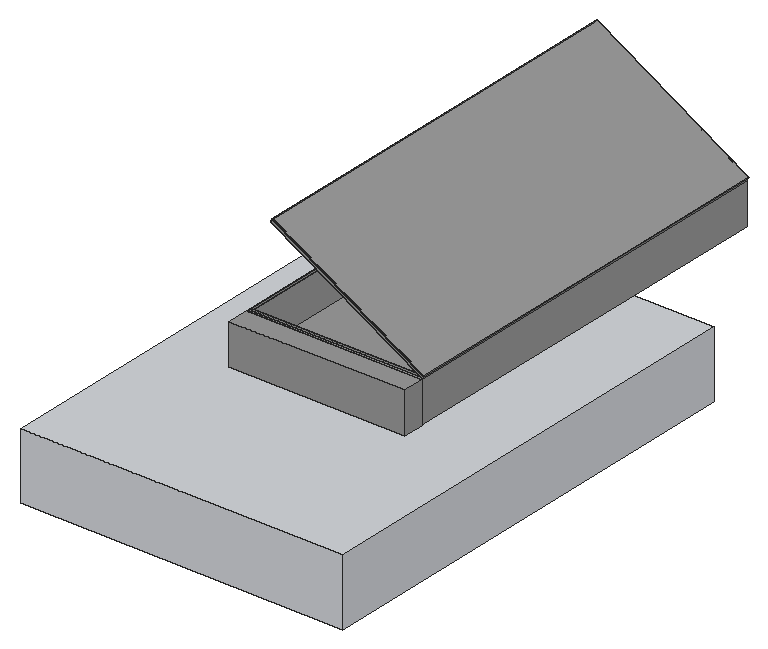
Revit family "Hager-Univers-IP44-D205-H1950-Cl.II-Encl-PT-pt", category Equipement électrique, Revit 2020
Family settings
  Hôte = Face
  Configuration du panneau = Deux colonnes, circuits au sein
  Cote de connecteur circulaire = Utiliser le diamètre
  Type d'élément = Tableau de raccordement
  Couper avec des vides une fois chargée = Non
  Partagée = Non
  Point de calcul de pièce = Non
Parameters (values of type "Instalação de piso IP44 L800 A1950 P205  - FP23SN2")
  Width Control [instance] = if([EF000008 - Largura] > Min Width, [EF000008 - Largura], Min Width)  # 800 mm
  Commentaires du type = [HG000003 - Gama]  # "Univers"
  Thickness Door [instance] = if([EF009171 - Espessura do material da porta/tampa] > 3 mm, 3 mm, [EF009171 - Espessura do material da porta/tampa])  # 1 mm
  Seal Frame Offset [instance] = 17 mm  # constant formula
  Plinth Visibility [instance] = [HG000027 - Altura da Plinta] > 0 mm  # yes
  Model = ""
  Min Width [instance] = 100 mm  # constant formula
  Min Height [instance] = 100 mm  # constant formula
  Min Depth [instance] = (2 * [EF009170 - Espessura do material do invólucro]) + 1 mm  # 3 mm
  Internal Frame Depth [instance] = (Door System Depth * 0.5)  # 9 mm
  Height Control [instance] = if([EF000040 - Altura] > Min Height, [EF000040 - Altura], Min Height)  # 1950 mm
  HG000027 - Altura da Plinta = 100 mm
  HG000026 - Instalação no chão = yes
  HG000024 - Altura da secção inferior = 800 mm
  HG000023 - Recinto de secção dupla = no
  HG000016 - Visibilidade da porta 3D [instance] = yes
  HG000015 - Visibilidade através da porta [instance] = no
  HG000014 - Porta à direita [instance] = yes
  HG000013 - Porta à esquerda [instance] = not([HG000014 - Porta à direita])  # no
  HG000012 - Ângulo de abertura de porta [instance] = 30.00°
  HG000010 - Portas assimétricas = no
  HG000009 - Porta dupla = no
  HG000006 - Encastrado = no
  HG000004 - Referência do Fabricante = "FP23SN2"
  HG000003 - Gama = "Univers"
  HG000002 - Com porta ou tampa = yes
  Frame Offset Bottom [instance] = 10 mm  # constant formula
  Frame Offset [instance] = 15 mm  # constant formula
  EF015940 - Tampa com libertação de sobrepressão = no
  EF011959 - Grau de proteção (NEMA) = ""
  EF009554 - Número de aberturas para placas de flange = 6
  Fabricant = "Hager"  # constant formula
  EF009212 - Tipo de tampa = "EV000116 - Fechado"
  EF009171 - Espessura do material da porta/tampa = 1 mm
  EF009170 - Espessura do material do invólucro = 1 mm
  EF008873 - Corrente nominal (In) = 400 A
  EF007800 - Adequado para proteção contra raios = no
  EF006306 - Com fecho = no
  EF006244 - Tampa/porta transparente = no
  EF005474 - Grau de proteção (IP) = "EV006418 - IP44"
  EF004464 - Tipo de porta = "EV002646 - Único"
  EF004427 - Número de módulos = 432
  EF004293 - Força de impacto = "EV006815 - IK09"
  EF003532 - Adequado para uso no exterior = no
  EF002950 - Largura em número de módulos = 36
  EF001613 - Integridade do circuito = "EV000494 - Nenhum"
  EF001596 - Material do corpo = "EV000179 - Aço"
  EF001131 - Profundidade interior = 143 mm
  EF001088 - Extensão possível = yes
  EF000437 - Número de entradas de condutores = 6
  EF000339 - Tipo de difusor = "EV001012 - Tampa"
  EF000266 - Número de linhas = 12
  EF000218 - Profundidade incorporada = 0 mm
  EF000118 - Com tampa de montagem = no
  EF000116 - Número RAL = "9010"
  EF000049 - Profundidade = 205 mm
  EF000040 - Altura = 1950 mm
  EF000008 - Largura = 800 mm
  EF000007 - Cor = "EV000202 - Branco"
  EF000003 - Método de montagem = "EV012274 - Instalação de piso"
  Door System Leaf Tolerance [instance] = 1.5 mm  # constant formula
  Door System Depth [instance] = 18 mm  # constant formula
  Door Height [instance] = Height Control - [HG000027 - Altura da Plinta]  # 1850 mm
  Depth Control [instance] = if([EF000049 - Profundidade] > Min Depth, [EF000049 - Profundidade], Min Depth)  # 205 mm
  Default Elevation = 0 mm
  Connector Offset [instance] = Height Control / 2  # 975 mm
  Bottom Top Plate Trim [instance] = 1.5 mm  # constant formula
  Plinth height Ctrl [instance] = if([HG000027 - Altura da Plinta] > 0 mm, [HG000027 - Altura da Plinta], 12 mm)  # 100 mm
Types (5, lengths in mm): name | Width Control | HG000010 - Portas assimétricas | HG000009 - Porta dupla | HG000004 - Referência do Fabricante | EF009554 - Número de aberturas para placas de flange | EF008873 - Corrente nominal (In) | EF004464 - Tipo de porta | EF004427 - Número de módulos | EF002950 - Largura em número de módulos | EF000437 - Número de entradas de condutores | EF000008 - Largura
  Instalação de piso IP44 L1050 A1950 P205  - FP24SN2 | 1050 | no | yes | "FP24SN2" | 8 | 400 A | "EV003602 - Duplo" | 576 | 48 | 8 | 1050
  Instalação de piso IP44 L1300 A1950 P205  - FP25SN2 | 1300 | yes | yes | "FP25SN2" | 10 | 400 A | "EV003602 - Duplo" | 720 | 60 | 10 | 1300
  Instalação de piso IP44 L300 A1950 P205  - FP21SN2 | 300 | no | no | "FP21SN2" | 2 | 250 A | "EV002646 - Único" | 144 | 12 | 2 | 300
  Instalação de piso IP44 L550 A1950 P205  - FP22SN2 | 550 | no | no | "FP22SN2" | 4 | 400 A | "EV002646 - Único" | 288 | 24 | 4 | 550
  Instalação de piso IP44 L800 A1950 P205  - FP23SN2 | 800 | no | no | "FP23SN2" | 6 | 400 A | "EV002646 - Único" | 432 | 36 | 6 | 800
Reference planes
  plane 1 "Center (Front/Back)": y = 0
  plane 2: z = 0
  plane 3 "Center (Left/Right)": x = 0
  plane 4: z = 205
  plane 5: y = 101
  plane 6: y = 1025
  plane 7: y = 100
  plane 8: y = 1950
  plane 9: z = 0
  plane 10: x = -385
  plane 11: x = 385
  plane 12: x = 384
  plane 13: x = -384
  plane 14: y = 1949
  plane 15: x = -383
  plane 16: x = -400
  plane 17: x = 383
  plane 18: x = 400
  plane 19: x = 399
  plane 20: x = -399
  plane 21: y = 111
  plane 22: y = 1950
  plane 23: y = 1934
  plane 24: z = 187
  plane 25: z = 1
  plane 26: z = 186
  plane 27: z = 204
Forms (mm)
  Extrusion 1, solid
    sketch origin (0, 0, 0) x (1, 0, 0) y (0, 1, 0)
      loop
        line (-702.964, 1305) -> (-702.964, -811.445) -> (766.763, -811.445) -> (766.763, 1305) -> (-702.964, 1305)
    from 0 to -304.8
  Extrusion 2, solid, material "Hager_Steel_RAL7035_Light_Grey", visible <- "Plinth Visibility", detail levels medium+fine
    sketch origin (0, 0, 0) x (1, 0, 0) y (0, 1, 0)
      loop
        line (-400, 0) -> (400, 0) -> (400, 100) -> (-400, 100) -> (-400, 0)
    from 0 to 187
  Extrusion 3, solid, material "Hager_Steel_RAL7035_Light_Grey", detail levels medium+fine
    sketch origin (0, 0, 0) x (1, 0, 0) y (0, 1, 0)
      loop
        line (-400, 100) -> (400, 100) -> (400, 1950) -> (-400, 1950) -> (-400, 100)
    from 0 to 187
  Extrusion 4, void
    sketch origin (0, 0, 0) x (1, 0, 0) y (0, 1, 0)
      loop
        line (-399, 101) -> (399, 101) -> (399, 1949) -> (-399, 1949) -> (-399, 101)
    from 1 to 186
  Extrusion 5, void
    sketch origin (-381.607, -4572, 187) x (0, -1, 0) y (-1, 0, 0)
      loop
        line (-4683, 2.393) -> (-6506, 2.393) -> (-6506, -765.607) -> (-4683, -765.607) -> (-4683, 2.393)
    from 0 to 1 <- "EF009170 - Espessura do material do invólucro"
  Extrusion 6, solid, material "Hager_Steel_RAL7035_Light_Grey", detail levels fine
    sketch origin (0, 0, 187) x (1, 0, 0) y (0, 1, 0)
      loop
        line (-384, 1934) -> (-384, 111) -> (384, 111) -> (384, 1934) -> (-384, 1934)
      loop
        line (-385, 110) -> (385, 110) -> (385, 1935) -> (-385, 1935) -> (-385, 110)
    from 0 to 9 <- "Internal Frame Depth"
  Extrusion 7, solid, material "Hager_Steel_RAL7035_Light_Grey", detail levels coarse
    sketch origin (0, 0, 0) x (1, 0, 0) y (0, 1, 0)
      loop
        line (-400, 0) -> (400, 0) -> (400, 1950) -> (-400, 1950) -> (-400, 0)
    from 0 to 205
  Sweep 8, void
    path in 3D
      loop
        line (-400, 100, 0) -> (400, 100, 0) -> (400, 100, 187) -> (-400, 100, 187) -> (-400, 100, 0)
    profile origin (-400, 100, 93.5) x (-1, 0, 0) y (0, -1, 0)
      loop
        line (0, 0) -> (0, 1.5) -> (-1.5, 1.5)
        arc (-1.5, 1.5) -> (-1.061, 0.439) -> (0, 0) r 1.5
Cuts and joins
  Extrusion 4, Extrusion 5 cuts Extrusion 3
  Sweep 8 cuts Extrusion 2
Lines and regions (mm)
  Masking region 1
    outline origin (0, 0, 0) x (1, 0, 0) y (0, 0, 1)
      loop
        line (-400, 205) -> (-400, 0) -> (400, 0) -> (400, 205) -> (-400, 205)
  Masking region 2, detail levels medium+fine
    outline origin (0, 140, 0) x (0, 1, 0) y (0, 0, 1)
      loop
        line (-40, 0) -> (1810, 0) -> (1810, 187) -> (-40, 187) -> (-40, 0)
  Masking region 3, not visible, detail levels medium+fine
    outline origin (0, 297.922, 0) x (0, 1, 0) y (0, 0, 1)
      loop
        line (738.578, 0) -> (778.578, 0) -> (778.578, 194)
        arc (778.578, 194) -> (775.649, 201.071) -> (768.578, 204) r 10
        line (768.578, 204) -> (738.578, 204) -> (738.578, 0)
  Masking region 4, detail levels coarse
    outline origin (0, 0, 180) x (0, 1, 0) y (0, 0, 1)
      loop
        line (0, -180) -> (1950, -180) -> (1950, 25) -> (0, 25) -> (0, -180)
  Masking region 5, visible <- "Plinth Visibility", detail levels medium+fine
    outline origin (0, 52.24, 12.345) x (0, 0, -1) y (0, 1, 0)
      loop
        line (10.845, 47.76) -> (-173.155, 47.76)
        arc (-173.155, 47.76) -> (-173.594, 46.699) -> (-174.655, 46.26) r 1.5
        line (-174.655, 46.26) -> (-174.655, -52.24) -> (12.345, -52.24) -> (12.345, 46.26)
        arc (12.345, 46.26) -> (11.285, 46.699) -> (10.845, 47.76) r 1.5
  Masking region 6, detail levels medium+fine
    outline origin (-381.607, -4572, 187) x (-1, 0, 0) y (0, -1, 0)
      loop
        line (18.393, -6522) -> (18.393, -4672) -> (-781.607, -4672) -> (-781.607, -6522) -> (18.393, -6522)
  Masking region 7, visible <- "Plinth Visibility", detail levels medium+fine
    outline origin (-381.607, -4727, 187) x (-1, 0, 0) y (0, -1, 0)
      loop
        arc (16.893, -4827) -> (17.332, -4825.939) -> (18.393, -4825.5) r 1.5
        line (18.393, -4825.5) -> (18.393, -4727) -> (-781.607, -4727) -> (-781.607, -4825.5)
        arc (-781.607, -4825.5) -> (-780.546, -4825.939) -> (-780.107, -4827) r 1.5
        line (-780.107, -4827) -> (16.893, -4827)
  Masking region 8, detail levels coarse
    outline origin (-442.548, -4669.526, 187) x (-1, 0, 0) y (0, -1, 0)
      loop
        line (-42.548, -6619.526) -> (-42.548, -4669.526) -> (-842.548, -4669.526) -> (-842.548, -6619.526) -> (-42.548, -6619.526)
  sketch lines
    curve 1: line (-400, 100, 187) -> (-400, 100, 0)
    curve 2: line (400, 100, 187) -> (-400, 100, 187)
    curve 3: line (400, 100, 187) -> (400, 100, 0)
    curve 4: line (-400, 100, 0) -> (400, 100, 0)
Dimensions and locks
  "Depth Control": plane 4 to Extrusion 1
  "HG000027 - Altura da Plinta": plane 1 "Center (Front/Back)" to plane 7
  "EF009170 - Espessura do material do invólucro": plane 5 to plane 7
  locked: connector elem to plane 3 "Center (Left/Right)"
  equal spacing: plane 8, plane 6, plane 7
  locked: connector elem to plane 6
  "EF009170 - Espessura do material do invólucro": plane 8 to plane 14
  "EF009170 - Espessura do material do invólucro": plane 10 to plane 13
  "EF009170 - Espessura do material do invólucro": plane 12 to plane 11
  "Frame Offset": plane 20 to plane 13
  "Frame Offset": plane 12 to plane 19
  "EF009170 - Espessura do material do invólucro": plane 16 to plane 20
  "EF009170 - Espessura do material do invólucro": plane 19 to plane 18
  "Seal Frame Offset": plane 16 to plane 15
  "Seal Frame Offset": plane 17 to plane 18
  "Frame Offset Bottom": plane 21 to plane 5
  "Frame Offset": plane 14 to plane 23
  equal spacing: plane 16, plane 3 "Center (Left/Right)", plane 18
  "Width Control": plane 16 to plane 18
  "EF009170 - Espessura do material do invólucro": plane 4 to plane 27
  "EF009170 - Espessura do material do invólucro": plane 24 to plane 26
  "EF009170 - Espessura do material do invólucro": plane 25 to level
  "Door System Depth": plane 4 to plane 24
  "Height Control": plane 1 "Center (Front/Back)" to Extrusion 7 sketch curve
  "Height Control": Masking region 4 sketch curve to plane 1 "Center (Front/Back)"
  "Height Control": plane 1 "Center (Front/Back)" to plane 22
  "Bottom Top Plate Trim": profile plane to Sweep 8 sketch curve
  "Bottom Top Plate Trim": Sweep 8 sketch curve to profile plane
  "Plinth height Ctrl": plane 1 "Center (Front/Back)" to Extrusion 2 sketch curve
  "Plinth height Ctrl": Masking region 5 sketch curve to plane 1 "Center (Front/Back)"
  "Plinth height Ctrl": plane 1 "Center (Front/Back)" to Masking region 7 sketch curve
  "Thickness Door": Extrusion 6 sketch curve to Extrusion 6 sketch curve  (x3)
  "Thickness Door": cut or joined group of Extrusion 3, Extrusion 4, Extrusion 5 to Extrusion 6 sketch curve
  radius of Masking region 3 sketch curve = 10 mm
  "Bottom Top Plate Trim": radius of Masking region 5 sketch curve  (x2)
  "Bottom Top Plate Trim": radius of Sweep 8 sketch curve
  "Bottom Top Plate Trim": radius of Masking region 7 sketch curve  (x2)
  aligned and locked: plane 2 to Extrusion 1
  aligned and locked: level to Extrusion 1
  aligned and locked: level to Masking region 1 sketch curve
  aligned and locked: Masking region 1 sketch curve to plane 18
  aligned and locked: Masking region 1 sketch curve to plane 16
  aligned and locked: plane 7 to Masking region 2 sketch curve
  aligned and locked: level to Masking region 3 sketch curve
  aligned and locked: Masking region 3 sketch curve to plane 27
  aligned and locked: level to Masking region 2 sketch curve
  aligned and locked: plane 1 "Center (Front/Back)" to Extrusion 2 sketch curve
  aligned and locked: Extrusion 3 sketch curve to plane 7
  aligned and locked: plane 16 to Extrusion 3 sketch curve
  aligned and locked: plane 18 to Extrusion 3 sketch curve
  aligned and locked: plane 20 to Extrusion 4 sketch curve
  aligned and locked: plane 19 to Extrusion 4 sketch curve
  aligned and locked: Extrusion 4 sketch curve to plane 5
  aligned and locked: Extrusion 4 to plane 25
  aligned and locked: plane 26 to Extrusion 4
  aligned and locked: plane 24 to Extrusion 3
  aligned and locked: Extrusion 5 sketch curve to plane 21
  aligned and locked: Extrusion 5 sketch curve to plane 13
  aligned and locked: Extrusion 5 sketch curve to plane 12
  aligned and locked: plane 18 to Extrusion 7 sketch curve
  aligned and locked: plane 1 "Center (Front/Back)" to Extrusion 7 sketch curve
  aligned and locked: plane 16 to Extrusion 7 sketch curve
  aligned and locked: plane 4 to Extrusion 7
  aligned and locked: Extrusion 7 to level
  aligned and locked: level to Masking region 4 sketch curve
  aligned and locked: Masking region 4 sketch curve to plane 1 "Center (Front/Back)"
  aligned and locked: Masking region 4 sketch curve to plane 4
  aligned and locked: nested 1 to level
  aligned and locked: nested 1 to plane 16
  aligned and locked: plane 8 to Extrusion 3 sketch curve
  aligned and locked: plane 23 to Extrusion 5 sketch curve
  aligned and locked: plane 14 to Extrusion 4 sketch curve
  aligned and locked: Masking region 2 sketch curve to plane 8
  aligned and locked: level to Masking region 5 sketch curve
  aligned and locked: plane 16 to Extrusion 2 sketch curve
  aligned and locked: plane 18 to Extrusion 2 sketch curve
  aligned and locked: Masking region 5 sketch curve to plane 24
  aligned and locked: Masking region 2 sketch curve to plane 24
  aligned and locked: plane 24 to Extrusion 2
  aligned and locked: profile plane to Sweep 8 sketch curve  (x2)
  aligned and locked: Masking region 6 sketch curve to plane 18
  aligned and locked: Masking region 6 sketch curve to plane 22
  aligned and locked: Masking region 6 sketch curve to plane 16
  aligned and locked: plane 8 to plane 22
  aligned and locked: Masking region 6 sketch curve to plane 7
  aligned and locked: Masking region 7 sketch curve to plane 16
  aligned and locked: Masking region 7 sketch curve to plane 1 "Center (Front/Back)"
  aligned and locked: Masking region 7 sketch curve to plane 18
  aligned and locked: Masking region 8 sketch curve to plane 1 "Center (Front/Back)"
  aligned and locked: Masking region 8 sketch curve to plane 18
  aligned and locked: Masking region 8 sketch curve to plane 22
  aligned and locked: Masking region 8 sketch curve to plane 16
  aligned and locked: nested 2 to plane 7
  aligned and locked: plane 3 "Center (Left/Right)" to nested 2
  aligned and locked: nested 2 to plane 24
  aligned and locked: Extrusion 6 sketch curve to cut or joined group of Extrusion 3, Extrusion 4, Extrusion 5  (x4)
Automatic sketch dimensions
  Extrusion 1 sketch curve to Extrusion 1 sketch curve = 1469.727 mm
  Extrusion 1 sketch curve to Extrusion 1 sketch curve = 2116.445 mm
  Masking region 1 sketch curve to plane 4 = 0 mm
  plane 6 to Masking region 3 sketch curve = 11.5 mm
  Masking region 3 sketch curve to Masking region 3 sketch curve = 30 mm
  Masking region 5 sketch curve to plane 1 "Center (Front/Back)" = 0 mm
Nested families
  nested 1: "Hager_Enclosure_Symbol" at (-400, 0, 0) x (1, 0, 0) z (0, -1, 0), Height <- "Depth Control", Width <- "Width Control", type "Hager_Enclosure_Symbol"
    with Width_Ctrl 800 mm, Width 800 mm, Height_Ctrl 205 mm, Height 205 mm, A_Width_Int 13.453 mm, A_Width 161.438 mm, A_Height_Ctrl 179.375 mm, A_Height 179.375 mm
  nested 2: "EC000058_Univers_Door" at (0, 100, 187) x (1, 0, 0) z (0, 1, 0), Leaf_Tolerance <- "Door System Leaf Tolerance", Angle <- "HG000012 - Ângulo de abertura de porta", Door_Depth <- "Door System Depth", Door_Left <- "HG000013 - Porta à esquerda", Transparent <- "EF006244 - Tampa/porta transparente", Assymetrical <- "HG000010 - Portas assimétricas", Width <- "Width Control", Clearance <- "HG000015 - Visibilidade através da porta", Double <- "HG000009 - Porta dupla", 3d_Door <- "HG000016 - Visibilidade da porta 3D", Lock_Visibility <- "EF006306 - Com fecho", Width_Ctrl <- "Width Control", Door_Right <- "HG000014 - Porta à direita", Door <- "HG000002 - Com porta ou tampa", Height <- "Door Height", Thickness <- "Thickness Door", type "EC000058_Univers_Door", detail levels medium+fine
    with min_wh 3 mm, Width_Ctrl 800 mm, Width 800 mm, Transparent no, Thickness 1 mm, Seal_Material Hager_Rubber, Lock_Visibility no, Lock_Material Hager_Plastic_RAL9005_Jet_Black, Leaf_Width 800 mm, Leaf_Tolerance_External_Sides 0 mm, Leaf_Tolerance 1.5 mm, Leaf_Offset 0 mm, Leaf_Height 1847 mm, Leaf_2_Width 800 mm, Leaf_2_Offset 400 mm, Leaf_1_Width 800 mm, Leaf_1_Offset 400 mm, Height_Ctrl 1850 mm, Height 1850 mm, Glass_Material Hager_Glass, Double_Clearance_Ctrl no, Double no, Door_Right_Ctrl yes, Door_Right yes, Door_Material Hager_Steel_RAL7035_Light_Grey, Door_Left_Ctrl no, Door_Left no, Door_Depth 18 mm, Door yes, Clearance_Material Hager_Clearance, Clearance_Depth 800 mm, Clearance_Ctrl no, Clearance no, Assymetrical no, Angle 30.00°, 3d_Door yes
Connectors
  electrical at (0, 1025, 0)
    settings: on plane 9, index 1, voltage 0 V, apparent load 0 VA, apparent load phase1 0 VA, apparent load phase2 0 VA, apparent load phase3 0 VA, power factor 1, load classification "Other", number of poles 1, system type 30, power factor state 1, is connector primary yes, connector utility no, sub classification motor no, connector description ""
Definition of nested family "EC000058_Univers_Door"
  Parameters (values of type "EC000058_Univers_Door")
    min_wh [instance] = (2 * Thickness) + 1 mm  # 11 mm
    Width_Ctrl [instance] = 400 mm
    Width [instance] = 500 mm
    Transparent [instance] = yes
    Thickness [instance] = 5 mm
    Seal_Material [instance] = none
    Lock_Visibility [instance] = yes
    Lock_Material [instance] = none
    Leaf_Width [instance] = if((Width_Ctrl - 2 * Leaf_Tolerance_External_Sides) > 0 mm, (Width_Ctrl - 2 * Leaf_Tolerance_External_Sides), min_wh)  # 400 mm
    Leaf_Tolerance_External_Sides [instance] = 0 mm  # constant formula
    Leaf_Tolerance [instance] = 1.5 mm
    Leaf_Offset [instance] = 0 mm  # constant formula
    Leaf_Height [instance] = if((Height_Ctrl - 2 * Leaf_Tolerance) > 0 mm, (Height_Ctrl - 2 * Leaf_Tolerance), min_wh)  # 497 mm
    Leaf_2_Width [instance] = if(and(and(Double, Assymetrical), Door_Left), (Leaf_Width / 3) - (Leaf_Tolerance / 2), if(and(and(Double, Assymetrical), Door_Right), (Leaf_Width / 3) * 2 - (Leaf_Tolerance / 2), if(and(Double, not(Assymetrical)), (Leaf_Width / 2) - Leaf_Tolerance, Leaf_Width)))  # 400 mm
    Leaf_2_Offset [instance] = if(and(Double, Assymetrical), Leaf_2_Width / 2, if(and(Double, not(Assymetrical)), Leaf_Width / 4, Leaf_Width / 2))  # 200 mm
    Leaf_1_Width [instance] = if(and(and(Double, Assymetrical), Door_Right), (Leaf_Width / 3) - (Leaf_Tolerance / 2), if(and(and(Double, Assymetrical), Door_Left), (Width / 3) * 2 - (Leaf_Tolerance / 2), if(and(Double, not(Assymetrical)), (Leaf_Width / 2) - Leaf_Tolerance, Leaf_Width)))  # 400 mm
    Leaf_1_Offset [instance] = if(and(Double, Assymetrical), Leaf_1_Width / 2, if(and(Double, not(Assymetrical)), Leaf_Width / 4, Leaf_Width / 2))  # 200 mm
    Height_Ctrl [instance] = if(Height > min_wh, Height, min_wh)  # 500 mm
    Height [instance] = 500 mm
    Glass_Material [instance] = none
    Double_Clearance_Ctrl [instance] = and(Double, Clearance)  # no
    Double [instance] = no
    Door_Right_Ctrl [instance] = and(or(Door_Right, Double), Door)  # yes
    Door_Right [instance] = yes
    Door_Material [instance] = none
    Door_Left_Ctrl [instance] = and(or(Door_Left, Double), Door)  # no
    Door_Left [instance] = no
    Door_Depth [instance] = 30 mm
    Door [instance] = yes
    Default Elevation = 1219.2 mm
    Clearance_Material [instance] = none
    Clearance_Depth [instance] = if(Leaf_1_Width > Leaf_2_Width, Leaf_1_Width, Leaf_2_Width)  # 400 mm
    Clearance_Ctrl [instance] = and(not(Double), Clearance)  # yes
    Clearance [instance] = yes
    Assymetrical [instance] = yes
    Angle [instance] = 30.00°
    3d_Door [instance] = yes
  Reference planes
    plane 1 "Center (Front/Back)": y = 0
    plane 2 "Bottom": z = 0
    plane 3 "Center (Left/Right)": x = 0
    plane 4: z = 500
    plane 5: x = -200
    plane 6: x = 200
    plane 7: z = 500
    plane 8: x = -200
    plane 9: z = 0
    plane 10: x = 200
    plane 11: y = 0
    plane 12: z = 1.5
    plane 13: x = -600
    plane 14: y = -400
    plane 15: x = 600
    plane 16: x = 0
    plane 17: x = 0
    plane 18: x = -200
    plane 19: x = 200
    plane 20: z = 498.5
  Forms (mm)
    Extrusion 1, solid, material <- "Clearance_Material", visible <- "Double_Clearance_Ctrl"
      sketch origin (1200, 0, 0) x (1, 0, 0) y (0, 0, -1)
        loop
          line (-1800, -498.5) -> (-600, -498.5) -> (-600, 0) -> (-1800, 0) -> (-1800, -498.5)
      from 0 to -400
  Dimensions and locks
    equal spacing: plane 5, plane 3 "Center (Left/Right)", plane 6
    "Width_Ctrl": plane 5 to plane 6
    "Leaf_Offset": plane 5 to plane 8
    "Leaf_Offset": plane 6 to plane 10
    "Leaf_Offset": plane 9 to level
    "Leaf_Offset": plane 4 to plane 7
    "Height_Ctrl": plane 4 to level
    "Leaf_Tolerance": plane 12 to plane 9
    locked: plane 11 to plane 1 "Center (Front/Back)"
    "Leaf_1_Offset": plane 18 to plane 16
    "Leaf_2_Offset": plane 17 to plane 19
    "Leaf_1_Width": plane 13 to plane 8
    "Leaf_2_Width": plane 10 to plane 15
    "Clearance_Depth": plane 14 to plane 1 "Center (Front/Back)"
    "Leaf_Tolerance_External_Sides": plane 8 to plane 18
    "Leaf_Tolerance_External_Sides": plane 19 to plane 10
    "Leaf_Tolerance": plane 7 to plane 20
    aligned and locked: level to plane 2 "Bottom"
    aligned and locked: nested 1 to plane 16
    aligned and locked: nested 2 to plane 17
    aligned and locked: Extrusion 1 to plane 13
    aligned and locked: plane 15 to Extrusion 1
    aligned and locked: Extrusion 1 to plane 14
    aligned and locked: plane 12 to nested 1
    aligned and locked: nested 2 to plane 12
    aligned and locked: Extrusion 1 to plane 11
    aligned and locked: plane 20 to Extrusion 1
    aligned and locked: nested 2 to plane 11
    aligned and locked: nested 1 to plane 11
  Automatic sketch dimensions
    Extrusion 1 sketch curve to level = 0 mm
    plane 5 to Extrusion 1 sketch curve = 400 mm
    plane 6 to Extrusion 1 sketch curve = 400 mm
    Extrusion 1 sketch curve to plane 4 = 1.5 mm
  Nested families
    nested 1: "EC000058_Univers_Door_Leaf" at (0, 0, 1.5), Width <- "Leaf_1_Width", visible <- "Door_Left_Ctrl", Leaf_Height <- "Leaf_Height", Angle <- "Angle", 3d_Door <- "3d_Door", Transparent <- "Transparent", Clearance Material <- "Clearance_Material", Clearance <- "Clearance_Ctrl", Door_Material <- "Door_Material", Glass_Material <- "Glass_Material", Door_Depth <- "Door_Depth", Lock_Material <- "Lock_Material", Seal_Material <- "Seal_Material", Lock_Visibility <- "Lock_Visibility", Thickness <- "Thickness", type "EC000058_Univers_Door_Leaf"
      with Width 400 mm, Transparent_Glass_Offset 30 mm, Transparent_Ctrl yes, Transparent yes, Thickness 5 mm, Standard no, Seal_Material none, Seal_D2 8 mm, Seal_D1 1 mm, Offset_Internal_Frame 10 mm, Lock_Width 20 mm, Lock_Visibility_3d yes, Lock_Visibility yes, Lock_Thickness_3 3 mm, Lock_Thickness_2 1 mm, Lock_Thickness_1 3 mm, Lock_Radius_Offset_2 16 mm, Lock_Radius_Offset_1 15 mm, Lock_Radius_2 5 mm, Lock_Radius 6 mm, Lock_Offset 5 mm, Lock_Material none, Lock_Height 80 mm, Lock_Cover_Top_Offset_2d 17 mm, Lock_Cover_Height -65 mm, Leaf_Height 497 mm, Internal_Seal_Thickness 8 mm, Internal_Seal_Depth_2 4.5 mm, Internal_Frame_Depth 25 mm, Glass_Thickness -1 mm, Glass_Offset -2 mm, Glass_Material none, Door_Material none, Door_Depth 30 mm, Clearance Material none, Clearance yes, Angle_Ctrl 30.00°, Angle 30.00°, 3d_Door yes
    nested 2: "EC000058_Univers_Door_Leaf" at (0, 0, 1.5) x (-1, 0, 0) z (0, 0, 1), Width <- "Leaf_2_Width", visible <- "Door_Right_Ctrl", Leaf_Height <- "Leaf_Height", Angle <- "Angle", 3d_Door <- "3d_Door", Transparent <- "Transparent", Clearance Material <- "Clearance_Material", Clearance <- "Clearance_Ctrl", Door_Material <- "Door_Material", Glass_Material <- "Glass_Material", Door_Depth <- "Door_Depth", Lock_Material <- "Lock_Material", Seal_Material <- "Seal_Material", Lock_Visibility <- "Lock_Visibility", Thickness <- "Thickness", type "EC000058_Univers_Door_Leaf"
      with Width 400 mm, Transparent_Glass_Offset 30 mm, Transparent_Ctrl yes, Transparent yes, Thickness 5 mm, Standard no, Seal_Material none, Seal_D2 8 mm, Seal_D1 1 mm, Offset_Internal_Frame 10 mm, Lock_Width 20 mm, Lock_Visibility_3d yes, Lock_Visibility yes, Lock_Thickness_3 3 mm, Lock_Thickness_2 1 mm, Lock_Thickness_1 3 mm, Lock_Radius_Offset_2 16 mm, Lock_Radius_Offset_1 15 mm, Lock_Radius_2 5 mm, Lock_Radius 6 mm, Lock_Offset 5 mm, Lock_Material none, Lock_Height 80 mm, Lock_Cover_Top_Offset_2d 17 mm, Lock_Cover_Height -65 mm, Leaf_Height 497 mm, Internal_Seal_Thickness 8 mm, Internal_Seal_Depth_2 4.5 mm, Internal_Frame_Depth 25 mm, Glass_Thickness -1 mm, Glass_Offset -2 mm, Glass_Material none, Door_Material none, Door_Depth 30 mm, Clearance Material none, Clearance yes, Angle_Ctrl 30.00°, Angle 30.00°, 3d_Door yes
  Definition of nested family "EC000058_Univers_Door_Leaf"
    Parameters (values of type "EC000058_Univers_Door_Leaf")
      Width [instance] = 2000 mm
      Transparent_Glass_Offset [instance] = 30 mm
      Transparent_Ctrl [instance] = and(Transparent, [3d_Door])  # yes
      Transparent [instance] = yes
      Thickness [instance] = 5 mm
      Standard [instance] = and(not(Transparent), [3d_Door])  # no
      Seal_Material [instance] = none
      Seal_D2 [instance] = 8 mm  # constant formula
      Seal_D1 [instance] = 1 mm  # constant formula
      Offset_Internal_Frame [instance] = 10 mm  # constant formula
      Lock_Width [instance] = 20 mm  # constant formula
      Lock_Visibility_3d [instance] = and(Lock_Visibility, [3d_Door])  # yes
      Lock_Visibility [instance] = yes
      Lock_Thickness_3 [instance] = 3 mm  # constant formula
      Lock_Thickness_2 [instance] = 1 mm  # constant formula
      Lock_Thickness_1 [instance] = 3 mm  # constant formula
      Lock_Radius_Offset_2 [instance] = Lock_Radius_Offset_1 + 1 mm  # 16 mm
      Lock_Radius_Offset_1 [instance] = 15 mm  # constant formula
      Lock_Radius_2 [instance] = Lock_Radius - 1 mm  # 5 mm
      Lock_Radius [instance] = 6 mm  # constant formula
      Lock_Offset [instance] = 5 mm  # constant formula
      Lock_Material [instance] = none
      Lock_Height [instance] = 80 mm  # constant formula
      Lock_Cover_Top_Offset_2d [instance] = Lock_Radius_Offset_2 + 1 mm  # 17 mm
      Lock_Cover_Height [instance] = -(Lock_Height - Lock_Radius_Offset_1)  # -65 mm
      Leaf_Height [instance] = 2720.336 mm
      Internal_Seal_Thickness [instance] = 8 mm  # constant formula
      Internal_Seal_Depth_2 [instance] = 4.5 mm  # constant formula
      Internal_Frame_Depth [instance] = if(Door_Depth - Thickness > 5 mm, Door_Depth - Thickness, 5 mm)  # 25 mm
      Glass_Thickness [instance] = if(Thickness > 15 mm, Glass_Offset + 10 mm, -1 mm)  # -1 mm
      Glass_Offset [instance] = if(Thickness > 15 mm, -(Thickness + 10 mm) / 2, -2 mm)  # -2 mm
      Glass_Material [instance] = none
      Door_Material [instance] = none
      Door_Depth [instance] = 30 mm
      Default Elevation = 0 mm
      Clearance Material [instance] = none
      Clearance [instance] = yes
      Angle_Ctrl [instance] = if(Angle > 180.00°, 180.00°, Angle)  # 90.00°
      Angle [instance] = 90.00°
      3d_Door [instance] = yes
    Reference planes
      plane 1 "Center (Front/Back)": y = 0
      plane 2: z = 0
      plane 3 "Center (Left/Right)": x = 0
      plane 4: y = 2000
      plane 5: x = -1000
      plane 6: x = 1000
      plane 7: x = -3000
      plane 8: z = 2720.336
      plane 9: z = 30
      plane 10: z = 2690.336
      plane 11: x = 970
      plane 12: x = -970
      plane 13: y = -3
      plane 14: z = 107.833
      plane 15: y = -5
      plane 16: y = -223.314
      plane 17: x = -1000
      plane 18: z = 1360.168
      plane 19: y = 30
    Forms (mm)
      Extrusion 1, solid, material <- "Clearance Material", visible <- "Clearance"
        sketch origin (0, 0, 0) x (1, 0, 0) y (0, 0, 1)
          loop
            line (-3000, 2720.336) -> (-3000, 0) -> (1000, 0) -> (1000, 2720.336) -> (-3000, 2720.336)
        from 0 to -2000
      Extrusion 2, solid, material <- "Door_Material", visible <- "Standard", detail levels medium+fine
        sketch origin (-1000, 0, 0) x (0, 1, 0) y (-1, 0, 0)
          loop
            line (0, 30) -> (0, 25) -> (2000, 25) -> (2000, 30) -> (0, 30)
        from 0 to 2720.336 <- "Leaf_Height"
      Extrusion 3, solid, material <- "Door_Material", visible <- "Transparent_Ctrl", detail levels medium+fine
        sketch origin (-1000, 0, 0) x (0, 1, 0) y (-1, 0, 0)
          loop
            line (0, 25) -> (2000, 25) -> (2000, 30) -> (0, 30) -> (0, 25)
        from 0 to 2720.336 <- "Leaf_Height"
      Extrusion 4, void
        sketch origin (-1025, 2000, 0) x (0, 1, 0) y (0, 0, -1)
          loop
            line (-30, -2690.336) -> (-30, -30) -> (-1970, -30) -> (-1970, -2690.336) -> (-30, -2690.336)
        from 0 to 5 <- "Thickness"
      Sweep 5, solid, material <- "Seal_Material", visible <- "Transparent_Ctrl", detail levels fine
        path in 3D
          loop
            line (-1025, 30, 30) -> (-1025, 30, 2690.336) -> (-1025, 1970, 2690.336) -> (-1025, 1970, 30) -> (-1025, 30, 30)
        profile origin (-1025, 1000, 30) x (1, 0, 0) y (0, 0, 1)
          loop
            line (0, 0) -> (0, -8) -> (1, -8) -> (1, 0) -> (0, 0)
      Extrusion 6, solid, material <- "Glass_Material", visible <- "Transparent_Ctrl", detail levels medium+fine
        sketch origin (-1030, 0, 0) x (0, 1, 0) y (0, 0, -1)
          loop
            line (1970, -2690.336) -> (1970, -30) -> (30, -30) -> (30, -2690.336) -> (1970, -2690.336)
        from -2 <- "Glass_Offset" to -1 <- "Glass_Thickness"
      Extrusion 7, solid, material <- "Door_Material", visible <- "3d_Door", detail levels medium+fine
        sketch origin (-1025, 2000, 0) x (0, -1, 0) y (0, 0, -1)
          loop
            line (0, -2720.336) -> (2000, -2720.336) -> (2000, 0) -> (0, 0) -> (0, -2720.336)
          loop
            line (1995, -5) -> (5, -5) -> (5, -2715.336) -> (1995, -2715.336) -> (1995, -5)
        from 0 to 25 <- "Internal_Frame_Depth"
      Sweep 8, solid, material <- "Seal_Material", visible <- "Transparent_Ctrl", detail levels fine
        path in 3D
          loop
            line (-1025, 0, 0) -> (-1025, 2000, 0) -> (-1025, 2000, 2720.336) -> (-1025, 0, 2720.336) -> (-1025, 0, 0)
        profile origin (-1025, 0, 1360.168) x (1, 0, 0) y (0, 1, 0)
          loop
            line (0, 10) -> (2.975, 10)
            arc (2.975, 10) -> (4.053, 10.447) -> (4.5, 11.525) r 1.525
            line (4.5, 11.525) -> (4.5, 16.527)
            arc (4.5, 16.527) -> (4.069, 17.569) -> (3.027, 18) r 1.473
            line (3.027, 18) -> (0, 18) -> (0, 10)
      Extrusion 9, solid, material <- "Lock_Material", visible <- "Lock_Visibility_3d", detail levels fine
        sketch origin (-1030, 0, 0) x (0, 1, 0) y (0, 0, -1)
          loop
            arc (1993.5, -1400.168) -> (1994.561, -1399.729) -> (1995, -1398.668) r 1.5
            line (1995, -1398.668) -> (1995, -1320.168) -> (1975, -1320.168) -> (1975, -1398.668)
            arc (1975, -1398.668) -> (1975.439, -1399.729) -> (1976.5, -1400.168) r 1.5
            line (1976.5, -1400.168) -> (1993.5, -1400.168)
        from 3 <- "Lock_Thickness_1" to 0
      Blend 10, solid, material <- "Lock_Material", visible <- "Lock_Visibility_3d", detail levels fine
        base sketch origin (-1033, 0, 0) x (0, 1, 0) y (0, 0, -1)
          loop
            line (1975, -1320.168) -> (1975, -1398.668)
            arc (1975, -1398.668) -> (1975.439, -1399.729) -> (1976.5, -1400.168) r 1.5
            line (1976.5, -1400.168) -> (1993.5, -1400.168)
            arc (1993.5, -1400.168) -> (1994.561, -1399.729) -> (1995, -1398.668) r 1.5
            line (1995, -1398.668) -> (1995, -1320.168) -> (1975, -1320.168)
        top sketch origin (-1033, 0, 0) x (0, 1, 0) y (0, 0, -1)
          loop
            line (1976, -1320.168) -> (1976, -1398.668)
            arc (1976, -1398.668) -> (1976.146, -1399.022) -> (1976.5, -1399.168) r 0.5
            line (1976.5, -1399.168) -> (1993.5, -1399.168)
            arc (1993.5, -1399.168) -> (1993.854, -1399.022) -> (1994, -1398.668) r 0.5
            line (1994, -1398.668) -> (1994, -1320.168) -> (1976, -1320.168)
        from 0 to 1 <- "Lock_Thickness_2"
      Blend 11, solid, material <- "Lock_Material", visible <- "Lock_Visibility_3d", detail levels fine
        base sketch origin (-1034, 0, 0) x (0, 1, 0) y (0, 0, -1)
          loop
            line (1978, -1320.168) -> (1978, -1384.168)
            arc (1978, -1384.168) -> (1985, -1391.168) -> (1992, -1384.168) r 7
            line (1992, -1384.168) -> (1992, -1320.168) -> (1978, -1320.168)
        top sketch origin (-1034, 0, 0) x (0, 1, 0) y (0, 0, -1)
          loop
            line (1991, -1320.168) -> (1979, -1320.168) -> (1979, -1383.168)
            arc (1979, -1383.168) -> (1985, -1389.168) -> (1991, -1383.168) r 6
            line (1991, -1383.168) -> (1991, -1320.168)
        from 0 to 3 <- "Lock_Thickness_3"
      Extrusion 12, solid, material <- "Lock_Material", visible <- "Lock_Visibility_3d", detail levels fine
        sketch origin (-1030, 1975, 1320.168) x (1, 0, 0) y (0, -1, 0)
          loop
            line (-7, -19) -> (-7, -1) -> (0, -1) -> (0, 0) -> (-8, 0) -> (-8, -20) -> (0, -20) -> (0, -19) -> (-7, -19)
        from 0 to -65 <- "Lock_Cover_Height"
      Extrusion 13, void
        sketch origin (-1038, 1995, 1320.168) x (-1, 0, 0) y (0, 0, -1)
          loop
            line (-5, -65) -> (0, -65) -> (-5, -60) -> (-5, -65)
        from 0 to 20 <- "Lock_Width"
      Extrusion 14, void
        sketch origin (-1038, 1975, 1320.168) x (0, -1, 0) y (0, 0, -1)
          loop
            circle (-10, -15.995) r 6
          loop
            circle (-10, -15.995) r 5
        from 0 to 2
      Extrusion 15, solid, material <- "Lock_Material", visible <- "Lock_Visibility_3d", detail levels medium
        sketch origin (-1030, 0, 0) x (0, 1, 0) y (0, 0, -1)
          loop
            arc (1993.5, -1400.168) -> (1994.561, -1399.729) -> (1995, -1398.668) r 1.5
            line (1995, -1398.668) -> (1995, -1320.168) -> (1975, -1320.168) -> (1975, -1398.668)
            arc (1975, -1398.668) -> (1975.439, -1399.729) -> (1976.5, -1400.168) r 1.5
            line (1976.5, -1400.168) -> (1993.5, -1400.168)
        from 8 to 0
    Cuts and joins
      Extrusion 4 cuts Extrusion 3
      Extrusion 13, Extrusion 14 cuts Extrusion 9
      Extrusion 14 cuts Blend 11
      Extrusion 13, Extrusion 14 cuts Extrusion 12
      joined: Extrusion 9, Blend 10, Blend 11, Extrusion 12
      Extrusion 14 cuts Extrusion 15
    Lines and regions (mm)
      Masking region 1, visible <- "Lock_Visibility", detail levels fine
        outline origin (0, 0, 0) x (0, 1, 0) y (0, 0, 1)
          loop
            line (30, 1320.168) -> (33, 1320.168) -> (33, 1400.168) -> (30, 1400.168) -> (30, 1320.168)
      Masking region 2, visible <- "Lock_Visibility", detail levels fine
        outline origin (0, 3.143, 0) x (0, 1, 0) y (0, 0, 1)
          loop
            line (29.857, 1354.168) -> (30.857, 1354.168) -> (30.857, 1366.168) -> (29.857, 1366.168) -> (29.857, 1354.168)
      Masking region 3, detail levels medium+fine
        outline origin (0, 0, 0) x (0, 1, 0) y (0, 0, 1)
          loop
            line (0, 0) -> (30, 0) -> (30, 2720.336) -> (0, 2720.336) -> (0, 0)
      Masking region 4, detail levels medium+fine
        outline origin (0, 0, 0) x (1, 0, 0) y (0, 0, 1)
          loop
            line (-1000, 2720.336) -> (-1000, 0) -> (1000, 0) -> (1000, 2720.336) -> (-1000, 2720.336)
      Masking region 5, visible <- "Lock_Visibility", detail levels fine
        outline origin (-47.116, 0, 0) x (1, 0, 0) y (0, 0, 1)
          loop
            arc (1024.616, 1399.168) -> (1023.556, 1398.729) -> (1023.116, 1397.668) r 1.5
            line (1023.116, 1397.668) -> (1023.116, 1320.168) -> (1041.116, 1320.168) -> (1041.116, 1397.668)
            arc (1041.116, 1397.668) -> (1040.677, 1398.729) -> (1039.616, 1399.168) r 1.5
            line (1039.616, 1399.168) -> (1024.616, 1399.168)
      Masking region 6, visible <- "Lock_Visibility", detail levels medium+fine
        outline origin (-25, 0, 0) x (1, 0, 0) y (0, 0, 1)
          loop
            arc (1001.5, 1400.168) -> (1000.439, 1399.729) -> (1000, 1398.668) r 1.5
            line (1000, 1398.668) -> (1000, 1320.168) -> (1020, 1320.168) -> (1020, 1398.668)
            arc (1020, 1398.668) -> (1019.561, 1399.729) -> (1018.5, 1400.168) r 1.5
            line (1018.5, 1400.168) -> (1001.5, 1400.168)
      Masking region 7, visible <- "Lock_Visibility", detail levels fine
        outline origin (-73.735, 0, 0) x (1, 0, 0) y (0, 0, 1)
          loop
            line (1051.735, 1382.168) -> (1065.735, 1382.168) -> (1065.735, 1384.168)
            arc (1065.735, 1384.168) -> (1058.735, 1391.168) -> (1051.735, 1384.168) r 7
            line (1051.735, 1384.168) -> (1051.735, 1382.168)
      Masking region 8, visible <- "Lock_Visibility", detail levels fine
        outline origin (-73.735, 0, 0) x (1, 0, 0) y (0, 0, 1)
          loop
            line (1052.735, 1382.168) -> (1064.735, 1382.168) -> (1064.735, 1383.168)
            arc (1064.735, 1383.168) -> (1058.735, 1389.168) -> (1052.735, 1383.168) r 6
            line (1052.735, 1383.168) -> (1052.735, 1382.168)
      Masking region 9, visible <- "Lock_Visibility", detail levels fine
        outline origin (-25, 0, 0) x (1, 0, 0) y (0, 0, 1)
          loop
            line (1020, 1320.168) -> (1020, 1382.168) -> (1000, 1382.168) -> (1000, 1320.168) -> (1020, 1320.168)
      Masking region 10, detail levels medium+fine
        outline origin (0, 0, 0) x (1, 0, 0) y (0, 0, 1)
          loop
            circle (985, 1335.144) r 6
      Masking region 11, detail levels fine
        outline origin (0, 0, 0) x (1, 0, 0) y (0, 0, 1)
          loop
            circle (985, 1335.144) r 5
      Masking region 12, visible <- "Lock_Visibility", detail levels fine
        outline origin (0, 12.767, 0) x (0, 1, 0) y (0, 0, 1)
          loop
            line (20.233, 1320.168) -> (21.233, 1320.168) -> (21.233, 1399.168) -> (20.233, 1400.168) -> (20.233, 1320.168)
      Masking region 13, visible <- "Lock_Visibility", detail levels fine
        outline origin (0, 13.767, -10) x (0, 1, 0) y (0, 0, 1)
          loop
            line (20.233, 1330.168) -> (23.233, 1330.168) -> (23.233, 1399.168) -> (20.233, 1402.168) -> (20.233, 1330.168)
      Masking region 14, visible <- "Lock_Visibility", detail levels fine
        outline origin (0, 12.767, -10) x (0, 1, 0) y (0, 0, 1)
          loop
            line (20.233, 1330.168) -> (25.233, 1330.168) -> (25.233, 1399.305) -> (20.233, 1394.305) -> (20.233, 1330.168)
      Masking region 15, visible <- "Lock_Visibility", detail levels medium
        outline origin (0, 0, 0) x (0, 1, 0) y (0, 0, 1)
          loop
            line (30, 1320.168) -> (38, 1320.168) -> (38, 1400.168) -> (30, 1400.168) -> (30, 1320.168)
      Masking region 16, visible <- "Lock_Visibility", detail levels fine
        outline origin (-1000, 0, 0) x (0, 1, 0) y (-1, 0, 0)
          loop
            line (1975, 30) -> (1995, 30) -> (1995, 38) -> (1975, 38) -> (1975, 30)
          loop
            line (1979, 37) -> (1976, 37) -> (1976, 34) -> (1978, 34) -> (1979, 37)
          loop
            line (1994, 37) -> (1991, 37) -> (1992, 34) -> (1994, 34) -> (1994, 37)
      Masking region 17, visible <- "Lock_Visibility", detail levels medium
        outline origin (-1000, 0, 0) x (0, 1, 0) y (-1, 0, 0)
          loop
            line (1975, 30) -> (1995, 30) -> (1995, 38) -> (1975, 38) -> (1975, 30)
      symbolic lines
        curve 1: line (1000, 0, 0) -> (-3000, 0, 0)
        curve 2: arc (1000, 0, 0) -> (-1000, 2000, 0) -> (-3000, 0, 0) r 2000
        curve 4: line (-1030, 0, 0) -> (-1030, 2000, 0)
      reference lines
        curve 3: line (-1000, 0, 0) -> (-1000, 2000, 0)
      symbolic lines, detail levels medium+fine
        curve 5: line (-1030, 2000, 0) -> (-1025, 2000, 0)
        curve 7: line (-1025, 0, 0) -> (-1030, 0, 0)
        curve 8: line (-1025, 0, 0) -> (-1000, 0, 0)
        curve 9: line (-1000, 0, 0) -> (-1000, 2000, 0)
        curve 10: line (-1000, 2000, 0) -> (-1025, 2000, 0)
      symbolic lines, detail levels fine
        curve 6: line (-1025, 2000, 0) -> (-1025, 0, 0)
      sketch lines
        curve 11: line (-1025, 0, 2720.336) -> (-1025, 0, 0)
        curve 12: line (-1025, 2000, 0) -> (-1025, 0, 0)
        curve 13: line (-1025, 2000, 2720.336) -> (-1025, 2000, 0)
        curve 14: line (-1025, 0, 2720.336) -> (-1025, 2000, 2720.336)
        curve 15: line (-1025, 1970, 30) -> (-1025, 30, 30)
        curve 16: line (-1025, 30, 30) -> (-1025, 30, 2690.336)
        curve 17: line (-1025, 1970, 2690.336) -> (-1025, 1970, 30)
        curve 18: line (-1025, 30, 2690.336) -> (-1025, 1970, 2690.336)
      symbolic lines, visible <- "Transparent", detail levels medium+fine
        curve 19: line (-970, 0, 2690.336) -> (970, 0, 2690.336)
        curve 20: line (-970, 0, 30) -> (-970, 0, 2690.336)
        curve 21: line (970, 0, 30) -> (-970, 0, 30)
        curve 22: line (970, 0, 2690.336) -> (970, 0, 30)
    Dimensions and locks
      "Width": plane 1 "Center (Front/Back)" to plane 4
      equal spacing: plane 5, plane 3 "Center (Left/Right)", plane 6
      "Width": plane 5 to plane 6
      "Width": plane 7 to plane 5
      "Leaf_Height": plane 8 to level
      "Width": curve 5 to curve 3
      "Width": curve 3 to curve 3
      plane 8 to plane 10 = 30 mm
      plane 9 to level = 30 mm
      plane 12 to plane 5 = 30 mm
      plane 6 to plane 11 = 30 mm
      Extrusion 1 to Extrusion 4 sketch curve = 30 mm
      "Transparent_Glass_Offset": curve 3 to Extrusion 4 sketch curve
      "Transparent_Glass_Offset": Extrusion 4 sketch curve to cut or joined group of Extrusion 3, Extrusion 4  (x2)
      cut or joined group of Extrusion 3, Extrusion 4 to Extrusion 6 sketch curve = 30 mm
      "Transparent_Glass_Offset": cut or joined group of Extrusion 3, Extrusion 4 to Extrusion 4 sketch curve
      "Thickness": curve 6 to curve 4
      "Thickness": Extrusion 7 sketch curve to Extrusion 7 sketch curve  (x4)
      "Door_Depth": curve 4 to curve 3
      "Offset_Internal_Frame": profile plane to Sweep 8 sketch curve
      "Internal_Seal_Thickness": Sweep 8 sketch curve to Sweep 8 sketch curve
      "Internal_Seal_Depth_2": profile plane to Sweep 8 sketch curve
      "Seal_D1": profile plane to Sweep 5 sketch curve
      "Seal_D2": profile plane to Sweep 5 sketch curve
      "Thickness": Extrusion 2 sketch curve to Extrusion 2 sketch curve
      equal spacing: Extrusion 9 sketch curve, plane 18, Extrusion 9 sketch curve  (x2)
      equal spacing: Masking region 1 sketch curve, plane 18, Masking region 1 sketch curve
      "Lock_Height": Masking region 1 sketch curve to Masking region 1 sketch curve
      "Lock_Radius": Masking region 2 sketch curve to plane 18 to Masking region 2 sketch curve
      Masking region 2 sketch curve to Masking region 1 = 1 mm
      "Door_Depth": plane 19 to plane 1 "Center (Front/Back)"
      "Lock_Thickness_1": Masking region 1 sketch curve to plane 19
      "Lock_Width": Extrusion 9 sketch curve to Extrusion 9 sketch curve
      "Lock_Height": Extrusion 9 sketch curve to Extrusion 9 sketch curve
      "Lock_Offset": cut or joined group of Extrusion 3, Extrusion 4 to Extrusion 9 sketch curve
      equal spacing: plane 8, plane 18, level
      "Lock_Radius_Offset_1": Blend 11 sketch curve to Blend 10
      locked: Blend 10 to Blend 11 sketch curve at 2  (x2)
      locked: var sketch to Blend 11 sketch curve at 1  (x2)
      "Lock_Radius_Offset_2": Blend 11 sketch curve to Blend 10
      locked: Extrusion 12 sketch curve to Extrusion 12 sketch curve at 1  (x3)
      Masking region 6 sketch curve to Masking region 6 sketch curve = 80 mm
      "Lock_Height": Masking region 6 sketch curve to Masking region 6 sketch curve
      "Lock_Width": Masking region 6 sketch curve to Masking region 6 sketch curve
      locked: Masking region 6 to Masking region 5 sketch curve at 1  (x3)
      locked: Masking region 5 to Masking region 7 sketch curve at 2  (x2)
      "Lock_Radius_Offset_1": Masking region 5 to Masking region 7 sketch curve
      "Lock_Radius_Offset_2": Masking region 5 to Masking region 8 sketch curve
      locked: Masking region 7 to Masking region 8 sketch curve at 1  (x2)
      "Lock_Cover_Top_Offset_2d": Masking region 5 to Masking region 9 sketch curve
      equal spacing: Masking region 9, Masking region 10 sketch curve, Masking region 9
      equal spacing: Masking region 9, Masking region 11 sketch curve, Masking region 9
      Extrusion 15 sketch curve to Extrusion 15 sketch curve = 80 mm
      "Lock_Width": Extrusion 15 sketch curve to Extrusion 15 sketch curve
      "Lock_Height": Extrusion 15 sketch curve to Extrusion 15 sketch curve
      equal spacing: Extrusion 15 sketch curve, plane 18, Extrusion 15 sketch curve
      "Lock_Thickness_3": Masking region 13 sketch curve to Masking region 13 sketch curve
      "Lock_Height": Masking region 12 sketch curve to Masking region 12 sketch curve
      locked: Masking region 13 sketch curve to Masking region 1 at 8
      locked: Masking region 14 sketch curve to Masking region 13 at 1
      locked: Masking region 14 sketch curve to Masking region 1 at 10.863
      "Lock_Height": Masking region 15 sketch curve to Masking region 15 sketch curve
      "Lock_Offset": Extrusion 15 sketch curve to cut or joined group of Extrusion 3, Extrusion 4
      "Lock_Offset": plane 6 to Masking region 6 sketch curve
      radius of Sweep 8 sketch curve = 1.525 mm
      radius of Sweep 8 sketch curve = 1.473 mm
      radius of Extrusion 9 sketch curve = 1.5 mm  (x2)
      "Lock_Radius": radius of Extrusion 14 sketch curve
      "Lock_Radius_2": radius of Extrusion 14 sketch curve
      "Lock_Radius": radius of Masking region 10 sketch curve
      "Lock_Radius_2": radius of Masking region 11 sketch curve
      radius of Extrusion 15 sketch curve = 1.5 mm  (x2)
      "Angle_Ctrl": angle plane 1 "Center (Front/Back)" to curve 3
      locked: Masking region 12 sketch curve to Masking region 12 sketch curve (angle 45.00°)
      locked: Masking region 13 sketch curve to Masking region 13 sketch curve (angle 45.00°)
      locked: Masking region 14 sketch curve to Masking region 14 sketch curve (angle 45.00°)
      aligned and locked: level to plane 2
      aligned and locked: Extrusion 1 to curve 1
      aligned and locked: plane 6 to Extrusion 1
      aligned and locked: Extrusion 1 to plane 1 "Center (Front/Back)"
      aligned and locked: plane 4 to Extrusion 1
      aligned and locked: plane 8 to Extrusion 1
      aligned and locked: curve 7 to Extrusion 2 sketch curve
      aligned and locked: curve 5 to Extrusion 2 sketch curve
      aligned and locked: curve 7 to Extrusion 3 sketch curve
      aligned and locked: Extrusion 3 sketch curve to curve 4
      aligned and locked: Extrusion 3 sketch curve to curve 6
      aligned and locked: Extrusion 3 sketch curve to curve 5
      aligned and locked: curve 9 to curve 3
      aligned and locked: Extrusion 7 sketch curve to cut or joined group of Extrusion 3, Extrusion 4  (x4)
      aligned and locked: plane 17 to curve 3
      aligned and locked: plane 1 "Center (Front/Back)" to curve 3
      aligned and locked: plane 17 to plane 5
      aligned and locked: Sweep 8 sketch curve to profile plane
      aligned and locked: Sweep 5 sketch curve to profile plane  (x2)
      aligned and locked: Masking region 1 to Masking region 2 sketch curve
      aligned and locked: plane 19 to Masking region 1 sketch curve
      aligned and locked: plane 1 "Center (Front/Back)" to Masking region 3 sketch curve
      aligned and locked: plane 19 to Masking region 3 sketch curve
      aligned and locked: level to Masking region 3 sketch curve
      aligned and locked: Masking region 3 sketch curve to plane 8
      aligned and locked: plane 17 to Masking region 4 sketch curve
      aligned and locked: level to Masking region 4 sketch curve
      aligned and locked: Masking region 4 sketch curve to plane 8
      aligned and locked: plane 12 to curve 20
      aligned and locked: plane 10 to curve 19
      aligned and locked: plane 11 to curve 22
      aligned and locked: curve 21 to plane 9
      aligned and locked: Extrusion 2 sketch curve to cut or joined group of Extrusion 3, Extrusion 4
      aligned and locked: Blend 10 sketch curve to Extrusion 9  (x4)
      aligned and locked: Extrusion 9 to Blend 10 sketch curve
      aligned and locked: Blend 10 to Blend 11 sketch curve
      aligned and locked: Extrusion 12 sketch curve to Blend 11
      aligned and locked: Extrusion 12 sketch curve to Extrusion 9  (x4)
      aligned and locked: Masking region 5 sketch curve to Masking region 6
      aligned and locked: Masking region 9 sketch curve to Masking region 6  (x3)
      aligned and locked: Masking region 12 sketch curve to Masking region 1
      aligned and locked: Masking region 13 sketch curve to Masking region 1
      aligned and locked: Masking region 12 to Masking region 14
      aligned and locked: Masking region 14 sketch curve to Masking region 1
      aligned and locked: Masking region 15 sketch curve to Masking region 14
      aligned and locked: Masking region 13 sketch curve to Masking region 12
      aligned and locked: Masking region 16 sketch curve to cut or joined group of Extrusion 14, Extrusion 15  (x4)
      aligned and locked: Masking region 16 sketch curve to cut or joined group of Extrusion 9, Blend 10, Blend 11, Extrusion 12, Extrusion 13, Extrusion 14  (x6)
      aligned and locked: cut or joined group of Extrusion 9, Blend 10, Blend 11, Extrusion 12, Extrusion 13, Extrusion 14 to Masking region 16 sketch curve
      aligned and locked: Masking region 17 sketch curve to cut or joined group of Extrusion 14, Extrusion 15  (x3)
      aligned and locked: Masking region 17 sketch curve to cut or joined group of Extrusion 9, Blend 10, Blend 11, Extrusion 12, Extrusion 13, Extrusion 14
      aligned and locked: Masking region 9 to Masking region 8 sketch curve
      aligned and locked: Masking region 9 to Masking region 7 sketch curve
    Automatic sketch dimensions
      plane 1 "Center (Front/Back)" to curve 2 = 0 mm
      curve 2 to plane 5 = 0 mm
      Extrusion 1 sketch curve to level = 0 mm
      Extrusion 1 sketch curve to plane 7 = 0 mm
      Extrusion 1 sketch curve to plane 6 = 0 mm
      Extrusion 1 sketch curve to plane 8 = 0 mm
      Extrusion 3 to Extrusion 6 sketch curve = 30 mm  (x4)
      Masking region 4 sketch curve to plane 6 = 0 mm
      Blend 10 sketch curve to Extrusion 9 = 1.5 mm
      Blend 10 sketch curve to Extrusion 9 = 1 mm
      Extrusion 13 sketch curve to Extrusion 12 = 0 mm  (x2)
      Extrusion 12 to Extrusion 13 sketch curve = 3 mm
      Extrusion 13 sketch curve to Extrusion 12 = 5 mm
      Extrusion 14 sketch curve to Extrusion 14 sketch curve = 0 mm  (x2)
      Extrusion 14 sketch curve to Extrusion 12 = 10 mm
      Extrusion 14 sketch curve to Extrusion 12 = 15.995 mm
      Masking region 5 sketch curve to Masking region 5 sketch curve = 1.5 mm  (x2)
      Masking region 10 sketch curve to plane 18 = 25.024 mm
      Masking region 11 sketch curve to plane 18 = 25.024 mm
      plane 19 to Masking region 14 sketch curve = 3 mm
      Masking region 16 sketch curve to Masking region 16 sketch curve = 3 mm
      curve 4 to curve 3 = 0 mm
      Blend 10 to Blend 11 sketch curve = 0 mm
      Masking region 6 sketch curve to Masking region 6 sketch curve = 1.5 mm  (x2)
      Masking region 6 sketch curve to plane 18 = 40 mm
      plane 19 to Masking region 12 sketch curve = 3 mm
      Masking region 12 sketch curve to Masking region 12 sketch curve = 1 mm
      Masking region 15 sketch curve to plane 19 = 0 mm
      Masking region 15 sketch curve to plane 18 = 40 mm
      radius of Blend 10 sketch curve to Extrusion 9 = 1 mm
Definition of nested family "Hager_Enclosure_Symbol"
  Parameters (values of type "Hager_Enclosure_Symbol")
    Width_Ctrl [instance] = if(Width > 1 mm, Width, 1 mm)  # 102.27 mm
    Width [instance] = 102.27 mm
    Height_Ctrl [instance] = if(Height > 1 mm, Height, 1 mm)  # 66.5 mm
    A_Width_Int [instance] = if(A_Width / 12 > 2 mm, A_Width / 12, 2 mm)  # 4.364 mm
    A_Width [instance] = if(A_Height_Ctrl * 0.9 > 2 mm, A_Height_Ctrl * 0.9, 2 mm)  # 52.369 mm
    A_Height_Ctrl [instance] = if(A_Height > 2 mm, A_Height, 2 mm)  # 58.188 mm
    Height [instance] = 66.5 mm
    A_Height [instance] = Height - (Height / 8)  # 58.188 mm
  Reference planes
    plane 1 "Centre (avant/arrière)": y = 0
    plane 2: z = 0
    plane 3 "Centre (gauche/droite)": x = 0
    plane 4: x = 52.369
    plane 5: y = 33.042
    plane 6: y = 41.77
    plane 7: y = 66.5
    plane 8: x = 26.184
    plane 9: y = 37.406
    plane 10: x = 102.27
    plane 11: y = 66.5
    plane 12: y = 8.313
  Lines and regions (mm)
    Filled region 1, type "Solid_Black", in view "Niveau de réf."
      outline origin (0, 0, 0) x (1, 0, 0) y (0, 1, 0)
        loop
          line (52.369, 66.5) -> (33.188, 54.536) -> (45.365, 45.006) -> (52.369, 66.5)
    Filled region 2, type "Solid_Black", in view "Niveau de réf."
      outline origin (0, 0, 0) x (1, 0, 0) y (0, 1, 0)
        loop
          line (0, 0) -> (102.27, 0) -> (102.27, 66.5) -> (0, 0)
    detail lines, in view "Niveau de réf."
      curve 1: line (0, 8.313, 0) -> (26.184, 41.77, 0)
      curve 2: line (26.184, 41.77, 0) -> (26.184, 33.042, 0)
      curve 3: line (26.184, 33.042, 0) -> (52.369, 66.5, 0)
  Dimensions and locks
    "A_Width": plane 3 "Centre (gauche/droite)" to plane 4
    equal spacing: plane 3 "Centre (gauche/droite)", plane 8, plane 4
    equal spacing: plane 6, plane 9, plane 5
    equal spacing: curve 3, Filled region 1 sketch curve, Filled region 1 sketch curve
    "Height_Ctrl": plane 1 "Centre (avant/arrière)" to plane 11
    "A_Height_Ctrl": plane 11 to plane 12
    equal spacing: plane 11, plane 9, plane 12
    "A_Width_Int": plane 6 to plane 9
    "Width_Ctrl": plane 3 "Centre (gauche/droite)" to plane 10
    angle Filled region 1 sketch curve to curve 3 = 20.00°
    angle curve 3 to Filled region 1 sketch curve = 20.00°
    locked: curve 3 to Filled region 1 sketch curve (angle 90.00°)
    aligned and locked: plane 10 to Filled region 2
    aligned and locked: plane 11 to Filled region 2 sketch curve
    aligned and locked: plane 10 to Filled region 2 sketch curve
    aligned and locked: plane 3 "Centre (gauche/droite)" to curve 1
    aligned and locked: plane 12 to curve 1
    aligned and locked: plane 7 to plane 11
  Automatic sketch dimensions
    Filled region 1 sketch curve to plane 4 = 0 mm
    Filled region 1 sketch curve to plane 7 = 0 mm
    plane 1 "Centre (avant/arrière)" to Filled region 2 sketch curve = 0 mm
    Filled region 2 sketch curve to plane 3 "Centre (gauche/droite)" = 0 mm
    curve 2 to plane 6 = 0 mm
    curve 2 to plane 8 = 0 mm
    curve 3 to plane 4 = 0 mm
    curve 2 to plane 5 = 0 mm
    curve 3 to plane 7 = 0 mm
